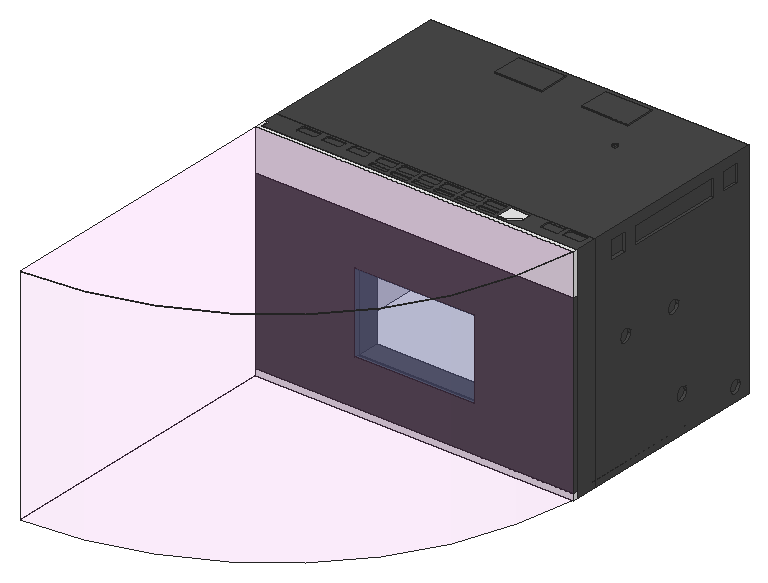
Revit family "Qf_Summit_MHOTR24SS_24 inches Wide Over-the-Range Microwave", category Specialty Equipment, Revit 2020
Family settings
  Round Connector Dimension = Use Diameter
  Part Type = Normal
  Work Plane-Based = No
  Always vertical = Yes
  Cut with Voids When Loaded = No
  Shared = No
  Room Calculation Point = No
Parameters
  Weight in Pounds = 57
  Watts = 1000 W
  Volts = 115 V
  URL Cutsheet = ""
  Specification by User = ""
  Specification by Manufacturer = ""
  Show Clearance [instance] = yes
  Serial Number = ""
  Seismic Rating = ""
  SMACNA No = ""
  Revision Code = ""
  Phase = 1
  Number of Poles = 1
  NAFEM Spec ID Number = ""
  Model = "MHOTR24SS"
  Min Ckt Ampacity = 0 A
  Max Overcurrent Protection = 0 A
  Masterspec = ""
  Manufacturer = "Summit"
  Length = 23 7/8"
  Item Number = ""
  Installed By = ""
  Identify Quantity as Lot = yes
  Height = 16 3/4"
  HP = ""
  Furnished By = ""
  Foodservice Equipment Identifier = yes
  FL Amps = 13.5 A
  Electrical Remarks = ""
  Electric Connection Type = ""
  Elec Conn RI Height = 16 3/4"
  Elec Conn Connection Height = 0"
  Description = "24\" Wide Over-the-Range Microwave"
  Depth = 16 3/8"
  Default Elevation = 0"
  Cycle = 60 Hz
  Conn Plug = ""
  Conn Conduit = yes
  CSI MasterFormat = ""
  Apparent Power = if(Phase = 3, Volts * FL Amps * 1.73, Volts * FL Amps)  # 1552.5 VA
Reference planes (in)
  plane 1 "BACK": y = 0
  plane 2: z = 0
  plane 3 "LEFT": x = 0
  plane 4 "RIGHT": x = 23.875
  plane 5 "FRONT": y = -16.375
  plane 6 "TOP": z = 17
  plane 7 "Center Y": x = 11.9375
  plane 8 "Center X": y = -8.1875
  plane 9: y = -38.5
  plane 10: y = -15.5
  plane 11: y = -0.375
  plane 12: y = -14.375
  plane 13: x = 4.6875
  plane 14: x = 19.1875
  plane 15: y = -5
  plane 16: x = 17.875
  plane 17: z = 0.25
Forms (in)
  Extrusion 1, solid, material "QF_Plastic_Epoxy_Black"
    sketch origin (0, -23.25, 2.125) x (1, 0, 0) y (0, 0, -1)
      loop
        line (0, -11.75) -> (23.875, -11.75) -> (23.875, 1.41597) -> (0, 1.41597) -> (0, -11.75)
    from 6.875 to 7.1875
  Extrusion 2, solid, material "QF_Metal_Aluminum_Polished"
    sketch origin (0, -23.25, 2.125) x (1, 0, 0) y (0, 0, -1)
      loop
        line (23.875, 1.41597) -> (23.875, 1.875) -> (0, 1.875) -> (0, 1.41597) -> (23.875, 1.41597)
    from 6.875 to 7.1875
  Extrusion 3, solid, material "QF_Plastic_Epoxy_Black"
    sketch origin (0, 0, 19.5) x (1, 0, 0) y (0, 1, 0)
      loop
        line (0, 0) -> (0, -14.375) -> (23.875, -14.375) -> (23.875, 0) -> (0, 0)
    from -19.25 to -2.5
  Extrusion 4, solid, material "QF_Plastic_Epoxy_Black"
    sketch origin (0, 0, 17) x (1, 0, 0) y (0, 1, 0)
      loop
        circle (17.875, -5) r 0.08422
      loop
        circle (17.875, -5) r 0.17168
    from 0 to 0.0644
  Extrusion 5, void
    sketch origin (23.88, 0, 0) x (0, 1, 0) y (0, 0, 1)
      loop
        line (-16.0625, 11.975) -> (-16.0625, 2.225) -> (-0.375, 2.225) -> (-0.375, 11.975) -> (-16.0625, 11.975)
    from -21.005 to -6.505
  Extrusion 6, solid, material "Glass"
    sketch origin (0, -16.375, 2.125) x (-1, 0, 0) y (0, 0, -1)
      loop
        line (-7.4375, -8) -> (-7.4375, -2) -> (-16.4375, -2) -> (-16.4375, -8) -> (-7.4375, -8)
    from 0 to -0.3125
  Extrusion 7, solid, material "QF_Clearances_Door_Drawer"
    sketch origin (0, 0, 19.5) x (1, 0, 0) y (0, 1, 0)
      loop
        line (23.875, -16.375) -> (0, -16.375) -> (0, -38.49995) -> (0.06419, -38.49995)
        arc (0.06419, -38.49995) -> (16.31587, -32.11492) -> (23.875, -16.375) r 23.87504
    from -19.25 to -2.5
  Extrusion 8, solid, material "QF_Plastic_Epoxy_Black"
    sketch origin (0, 0, 19.5) x (1, 0, 0) y (0, 1, 0)
      loop
        line (6.9375, -0.375) -> (6.9375, -2.625) -> (10.4375, -2.625) -> (10.4375, -0.375) -> (6.9375, -0.375)
      loop
        line (13.4375, -0.375) -> (13.4375, -2.625) -> (16.9375, -2.625) -> (16.9375, -0.375) -> (13.4375, -0.375)
    from -2.5 to -2.42564
  Extrusion 9, solid, material "QF_Plastic_Epoxy_Black"
    sketch origin (0, -16.375, 2.125) x (-1, 0, 0) y (0, 0, -1)
      loop
        line (-0.5, 1.875) -> (-0.75, 2.125) -> (-23.125, 2.125) -> (-23.375, 1.875) -> (-0.5, 1.875)
    from -0.875 to -16
  Extrusion 10, void
    sketch origin (23.875, 0, 19.5) x (0, 1, 0) y (0, 0, -1)
      loop
        line (-10.67868, 3.26782) -> (-3.2005, 3.26782) -> (-3.2005, 4.64282) -> (-10.67868, 4.64282) -> (-10.67868, 3.26782)
      loop
        line (-2.34834, 3.26782) -> (-0.96484, 3.26782) -> (-0.96484, 4.64282) -> (-2.34834, 4.64282) -> (-2.34834, 3.26782)
      loop
        line (-12.91084, 3.26782) -> (-11.52734, 3.26782) -> (-11.52734, 4.64282) -> (-12.91084, 4.64282) -> (-12.91084, 3.26782)
      loop
        circle (-11.52734, 10.31582) r 0.5
      loop
        circle (-7.02734, 10.31582) r 0.5
      loop
        circle (-6.24335, 16.525) r 0.5
      loop
        circle (-1.21484, 18.23681) r 0.5
    from 0 to 0.2738
  Extrusion 11, void
    sketch origin (0, 0, 19.5) x (0, 1, 0) y (0, 0, 1)
      loop
        line (-10.67868, -3.26782) -> (-10.67868, -4.64282) -> (-3.2005, -4.64282) -> (-3.2005, -3.26782) -> (-10.67868, -3.26782)
      loop
        line (-2.34834, -3.26782) -> (-2.34834, -4.64282) -> (-0.96484, -4.64282) -> (-0.96484, -3.26782) -> (-2.34834, -3.26782)
      loop
        line (-12.91084, -3.26782) -> (-12.91084, -4.64282) -> (-11.52734, -4.64282) -> (-11.52734, -3.26782) -> (-12.91084, -3.26782)
      loop
        circle (-11.52734, -10.31582) r 0.5
      loop
        circle (-7.02734, -10.31582) r 0.5
      loop
        circle (-6.24335, -16.525) r 0.5
      loop
        circle (-1.21484, -18.23681) r 0.5
    from 0 to 0.2738
  Extrusion 12, void
    sketch origin (0, 0, 19.5) x (1, 0, 0) y (0, 1, 0)
      loop
        arc (4.125, -14.625) -> (4.03661, -14.66161) -> (4, -14.75) r 0.125
        line (4, -14.75) -> (4, -15.125)
        arc (4, -15.125) -> (4.03661, -15.21339) -> (4.125, -15.25) r 0.125
        line (4.125, -15.25) -> (5.25, -15.25)
        arc (5.25, -15.25) -> (5.33839, -15.21339) -> (5.375, -15.125) r 0.125
        line (5.375, -15.125) -> (5.375, -14.75)
        arc (5.375, -14.75) -> (5.33839, -14.66161) -> (5.25, -14.625) r 0.125
        line (5.25, -14.625) -> (4.125, -14.625)
      loop
        arc (2.25, -14.625) -> (2.16161, -14.66161) -> (2.125, -14.75) r 0.125
        line (2.125, -14.75) -> (2.125, -15.125)
        arc (2.125, -15.125) -> (2.16161, -15.21339) -> (2.25, -15.25) r 0.125
        line (2.25, -15.25) -> (3.375, -15.25)
        arc (3.375, -15.25) -> (3.46339, -15.21339) -> (3.5, -15.125) r 0.125
        line (3.5, -15.125) -> (3.5, -14.75)
        arc (3.5, -14.75) -> (3.46339, -14.66161) -> (3.375, -14.625) r 0.125
        line (3.375, -14.625) -> (2.25, -14.625)
      loop
        arc (6, -14.625) -> (5.91161, -14.66161) -> (5.875, -14.75) r 0.125
        line (5.875, -14.75) -> (5.875, -15.125)
        arc (5.875, -15.125) -> (5.91161, -15.21339) -> (6, -15.25) r 0.125
        line (6, -15.25) -> (7.125, -15.25)
        arc (7.125, -15.25) -> (7.21339, -15.21339) -> (7.25, -15.125) r 0.125
        line (7.25, -15.125) -> (7.25, -14.75)
        arc (7.25, -14.75) -> (7.21339, -14.66161) -> (7.125, -14.625) r 0.125
        line (7.125, -14.625) -> (6, -14.625)
      loop
        arc (8.125, -14.625) -> (8.03661, -14.66161) -> (8, -14.75) r 0.125
        line (8, -14.75) -> (8, -15.125)
        arc (8, -15.125) -> (8.03661, -15.21339) -> (8.125, -15.25) r 0.125
        line (8.125, -15.25) -> (9.25, -15.25)
        arc (9.25, -15.25) -> (9.33839, -15.21339) -> (9.375, -15.125) r 0.125
        line (9.375, -15.125) -> (9.375, -14.75)
        arc (9.375, -14.75) -> (9.33839, -14.66161) -> (9.25, -14.625) r 0.125
        line (9.25, -14.625) -> (8.125, -14.625)
      loop
        line (8, -15.625) -> (8, -15.75)
        arc (8, -15.75) -> (8.03661, -15.83839) -> (8.125, -15.875) r 0.125
        line (8.125, -15.875) -> (9.25, -15.875)
        arc (9.25, -15.875) -> (9.33839, -15.83839) -> (9.375, -15.75) r 0.125
        line (9.375, -15.75) -> (9.375, -15.625)
        arc (9.375, -15.625) -> (9.33839, -15.53661) -> (9.25, -15.5) r 0.125
        line (9.25, -15.5) -> (8.125, -15.5)
        arc (8.125, -15.5) -> (8.03661, -15.53661) -> (8, -15.625) r 0.125
      loop
        arc (9.75, -14.625) -> (9.66161, -14.66161) -> (9.625, -14.75) r 0.125
        line (9.625, -14.75) -> (9.625, -15.125)
        arc (9.625, -15.125) -> (9.66161, -15.21339) -> (9.75, -15.25) r 0.125
        line (9.75, -15.25) -> (10.875, -15.25)
        arc (10.875, -15.25) -> (10.96339, -15.21339) -> (11, -15.125) r 0.125
        line (11, -15.125) -> (11, -14.75)
        arc (11, -14.75) -> (10.96339, -14.66161) -> (10.875, -14.625) r 0.125
        line (10.875, -14.625) -> (9.75, -14.625)
      loop
        line (9.625, -15.625) -> (9.625, -15.75)
        arc (9.625, -15.75) -> (9.66161, -15.83839) -> (9.75, -15.875) r 0.125
        line (9.75, -15.875) -> (10.875, -15.875)
        arc (10.875, -15.875) -> (10.96339, -15.83839) -> (11, -15.75) r 0.125
        line (11, -15.75) -> (11, -15.625)
        arc (11, -15.625) -> (10.96339, -15.53661) -> (10.875, -15.5) r 0.125
        line (10.875, -15.5) -> (9.75, -15.5)
        arc (9.75, -15.5) -> (9.66161, -15.53661) -> (9.625, -15.625) r 0.125
      loop
        arc (11.375, -14.625) -> (11.28661, -14.66161) -> (11.25, -14.75) r 0.125
        line (11.25, -14.75) -> (11.25, -15.125)
        arc (11.25, -15.125) -> (11.28661, -15.21339) -> (11.375, -15.25) r 0.125
        line (11.375, -15.25) -> (12.5, -15.25)
        arc (12.5, -15.25) -> (12.58839, -15.21339) -> (12.625, -15.125) r 0.125
        line (12.625, -15.125) -> (12.625, -14.75)
        arc (12.625, -14.75) -> (12.58839, -14.66161) -> (12.5, -14.625) r 0.125
        line (12.5, -14.625) -> (11.375, -14.625)
      loop
        line (11.25, -15.625) -> (11.25, -15.75)
        arc (11.25, -15.75) -> (11.28661, -15.83839) -> (11.375, -15.875) r 0.125
        line (11.375, -15.875) -> (12.5, -15.875)
        arc (12.5, -15.875) -> (12.58839, -15.83839) -> (12.625, -15.75) r 0.125
        line (12.625, -15.75) -> (12.625, -15.625)
        arc (12.625, -15.625) -> (12.58839, -15.53661) -> (12.5, -15.5) r 0.125
        line (12.5, -15.5) -> (11.375, -15.5)
        arc (11.375, -15.5) -> (11.28661, -15.53661) -> (11.25, -15.625) r 0.125
      loop
        arc (13, -14.625) -> (12.91161, -14.66161) -> (12.875, -14.75) r 0.125
        line (12.875, -14.75) -> (12.875, -15.125)
        arc (12.875, -15.125) -> (12.91161, -15.21339) -> (13, -15.25) r 0.125
        line (13, -15.25) -> (14.125, -15.25)
        arc (14.125, -15.25) -> (14.21339, -15.21339) -> (14.25, -15.125) r 0.125
        line (14.25, -15.125) -> (14.25, -14.75)
        arc (14.25, -14.75) -> (14.21339, -14.66161) -> (14.125, -14.625) r 0.125
        line (14.125, -14.625) -> (13, -14.625)
      loop
        line (12.875, -15.625) -> (12.875, -15.75)
        arc (12.875, -15.75) -> (12.91161, -15.83839) -> (13, -15.875) r 0.125
        line (13, -15.875) -> (14.125, -15.875)
        arc (14.125, -15.875) -> (14.21339, -15.83839) -> (14.25, -15.75) r 0.125
        line (14.25, -15.75) -> (14.25, -15.625)
        arc (14.25, -15.625) -> (14.21339, -15.53661) -> (14.125, -15.5) r 0.125
        line (14.125, -15.5) -> (13, -15.5)
        arc (13, -15.5) -> (12.91161, -15.53661) -> (12.875, -15.625) r 0.125
      loop
        arc (14.625, -14.625) -> (14.53661, -14.66161) -> (14.5, -14.75) r 0.125
        line (14.5, -14.75) -> (14.5, -15.125)
        arc (14.5, -15.125) -> (14.53661, -15.21339) -> (14.625, -15.25) r 0.125
        line (14.625, -15.25) -> (15.75, -15.25)
        arc (15.75, -15.25) -> (15.83839, -15.21339) -> (15.875, -15.125) r 0.125
        line (15.875, -15.125) -> (15.875, -14.75)
        arc (15.875, -14.75) -> (15.83839, -14.66161) -> (15.75, -14.625) r 0.125
        line (15.75, -14.625) -> (14.625, -14.625)
      loop
        line (14.5, -15.625) -> (14.5, -15.75)
        arc (14.5, -15.75) -> (14.53661, -15.83839) -> (14.625, -15.875) r 0.125
        line (14.625, -15.875) -> (15.75, -15.875)
        arc (15.75, -15.875) -> (15.83839, -15.83839) -> (15.875, -15.75) r 0.125
        line (15.875, -15.75) -> (15.875, -15.625)
        arc (15.875, -15.625) -> (15.83839, -15.53661) -> (15.75, -15.5) r 0.125
        line (15.75, -15.5) -> (14.625, -15.5)
        arc (14.625, -15.5) -> (14.53661, -15.53661) -> (14.5, -15.625) r 0.125
      loop
        arc (16.25, -14.625) -> (16.16161, -14.66161) -> (16.125, -14.75) r 0.125
        line (16.125, -14.75) -> (16.125, -15.125)
        arc (16.125, -15.125) -> (16.16161, -15.21339) -> (16.25, -15.25) r 0.125
        line (16.25, -15.25) -> (17.375, -15.25)
        arc (17.375, -15.25) -> (17.46339, -15.21339) -> (17.5, -15.125) r 0.125
        line (17.5, -15.125) -> (17.5, -14.75)
        arc (17.5, -14.75) -> (17.46339, -14.66161) -> (17.375, -14.625) r 0.125
        line (17.375, -14.625) -> (16.25, -14.625)
      loop
        line (16.125, -15.625) -> (16.125, -15.75)
        arc (16.125, -15.75) -> (16.16161, -15.83839) -> (16.25, -15.875) r 0.125
        line (16.25, -15.875) -> (17.375, -15.875)
        arc (17.375, -15.875) -> (17.46339, -15.83839) -> (17.5, -15.75) r 0.125
        line (17.5, -15.75) -> (17.5, -15.625)
        arc (17.5, -15.625) -> (17.46339, -15.53661) -> (17.375, -15.5) r 0.125
        line (17.375, -15.5) -> (16.25, -15.5)
        arc (16.25, -15.5) -> (16.16161, -15.53661) -> (16.125, -15.625) r 0.125
      loop
        arc (20.625, -14.5625) -> (20.53661, -14.59911) -> (20.5, -14.6875) r 0.125
        line (20.5, -14.6875) -> (20.5, -15.1875)
        arc (20.5, -15.1875) -> (20.53661, -15.27589) -> (20.625, -15.3125) r 0.125
        line (20.625, -15.3125) -> (21.75, -15.3125)
        arc (21.75, -15.3125) -> (21.83839, -15.27589) -> (21.875, -15.1875) r 0.125
        line (21.875, -15.1875) -> (21.875, -14.6875)
        arc (21.875, -14.6875) -> (21.83839, -14.59911) -> (21.75, -14.5625) r 0.125
        line (21.75, -14.5625) -> (20.625, -14.5625)
      loop
        arc (22.25, -14.5625) -> (22.16161, -14.59911) -> (22.125, -14.6875) r 0.125
        line (22.125, -14.6875) -> (22.125, -15.1875)
        arc (22.125, -15.1875) -> (22.16161, -15.27589) -> (22.25, -15.3125) r 0.125
        line (22.25, -15.3125) -> (23.375, -15.3125)
        arc (23.375, -15.3125) -> (23.46339, -15.27589) -> (23.5, -15.1875) r 0.125
        line (23.5, -15.1875) -> (23.5, -14.6875)
        arc (23.5, -14.6875) -> (23.46339, -14.59911) -> (23.375, -14.5625) r 0.125
        line (23.375, -14.5625) -> (22.25, -14.5625)
    from -2.53406 to -2.4356
  Extrusion 13, solid, material "QF_Metal_Aluminum_Polished"
    sketch origin (0, 0, 19.5) x (1, 0, 0) y (0, 1, 0)
      loop
        line (17.79493, -14.625) -> (17.79493, -15.875) -> (18.34344, -15.875) -> (19.19707, -15.32624) -> (19.19707, -14.625) -> (17.79493, -14.625)
    from -2.5 to -2.48231
  Extrusion 14, solid, material "QF_Metal_Aluminum_Polished"
    sketch origin (0, 0, 19.5) x (1, 0, 0) y (0, 1, 0)
      loop
        line (0.1875, -16.0625) -> (0.1875, -15.5) -> (0, -15.5) -> (0, -16.375) -> (23.875, -16.375) -> (23.875, -16.0625) -> (0.1875, -16.0625)
    from -5.625 to -2.5
  Extrusion 15, solid, material "QF_Plastic_Epoxy_Black"
    sketch origin (0, 0, 19.5) x (1, 0, 0) y (0, 1, 0)
      loop
        line (23.875, -14.375) -> (0, -14.375) -> (0, -15.5) -> (0.1875, -15.5) -> (0.1875, -16.0625) -> (23.875, -16.0625) -> (23.875, -14.375)
    from -19.25 to -2.5
  Extrusion 16, void
    sketch origin (0, -16.375, 2.125) x (1, 0, 0) y (0, 0, -1)
      loop
        line (7.4375, -8) -> (16.4375, -8) -> (16.4375, -2) -> (7.4375, -2) -> (7.4375, -8)
    from 0 to 2
Cuts and joins
  Extrusion 5, Extrusion 10, Extrusion 11 cuts Extrusion 3
  Extrusion 5, Extrusion 10, Extrusion 11 cuts Extrusion 4
  Extrusion 10, Extrusion 11 cuts Extrusion 8
  joined: Extrusion 3, Extrusion 4, Extrusion 8
  Extrusion 5 cuts Extrusion 6
  Extrusion 16 cuts Extrusion 1
  Extrusion 16 cuts Extrusion 7
  Extrusion 12, Extrusion 16 cuts Extrusion 15
Lines and regions (in)
  Split face 1
    outline origin (23.875, -16.375, 13.875) x (0, 0, 1) y (-1, 0, 0)
      loop
        line (-12.79594, 10.93156) -> (-11.73019, 10.93156) -> (-11.73019, 12.93156) -> (-12.79594, 12.93156) -> (-12.79594, 10.93156)
  Split face 2
    outline origin (23.875, -16.375, 13.875) x (0, 0, 1) y (-1, 0, 0)
      loop
        line (-11, 2.85) -> (-11, 4.025)
        arc (-11, 4.025) -> (-11.02929, 4.09571) -> (-11.1, 4.125) r 0.1
        line (-11.1, 4.125) -> (-11.65, 4.125)
        arc (-11.65, 4.125) -> (-11.72071, 4.09571) -> (-11.75, 4.025) r 0.1
        line (-11.75, 4.025) -> (-11.75, 2.85)
        arc (-11.75, 2.85) -> (-11.72071, 2.77929) -> (-11.65, 2.75) r 0.1
        line (-11.65, 2.75) -> (-11.1, 2.75)
        arc (-11.1, 2.75) -> (-11.02929, 2.77929) -> (-11, 2.85) r 0.1
  Split face 3
    outline origin (23.875, -16.375, 13.875) x (0, 0, 1) y (-1, 0, 0)
      loop
        line (-12.08172, 4.125) -> (-12.63172, 4.125)
        arc (-12.63172, 4.125) -> (-12.70243, 4.09571) -> (-12.73172, 4.025) r 0.1
        line (-12.73172, 4.025) -> (-12.73172, 2.85)
        arc (-12.73172, 2.85) -> (-12.70243, 2.77929) -> (-12.63172, 2.75) r 0.1
        line (-12.63172, 2.75) -> (-12.08172, 2.75)
        arc (-12.08172, 2.75) -> (-12.01101, 2.77929) -> (-11.98172, 2.85) r 0.1
        line (-11.98172, 2.85) -> (-11.98172, 4.025)
        arc (-11.98172, 4.025) -> (-12.01101, 4.09571) -> (-12.08172, 4.125) r 0.1
  symbolic lines, style "QF_Clearances_Door_Drawer"
    curve 1: line (0, -16.375, 19.5) -> (19.92323, -27.87768, 19.5)
    curve 2: arc (19.92323, -27.87768, 19.5) -> (22.64387, -22.3822, 19.5) -> (23.875, -16.375, 19.5) r 23.87504
    curve 3: line (0, -38.49995, 19.5) -> (0.06419, -38.49995, 19.5)
    curve 4: line (23.875, -16.375, 19.5) -> (0, -16.375, 19.5)
  symbolic lines
    curve 5: line (0, 0, 19.5) -> (0, -16.375, 19.5)
    curve 6: line (0, -14.375, 19.5) -> (23.875, -14.375, 19.5)
    curve 7: line (23.875, -16.375, 19.5) -> (23.875, 0, 19.5)
    curve 8: line (23.875, 0, 19.5) -> (0, 0, 19.5)
    curve 9: line (6.9375, -0.375, 19.5) -> (6.9375, -2.625, 19.5)
    curve 10: line (6.9375, -2.625, 19.5) -> (10.4375, -2.625, 19.5)
    curve 11: line (10.4375, -2.625, 19.5) -> (10.4375, -0.375, 19.5)
    curve 12: line (10.4375, -0.375, 19.5) -> (6.9375, -0.375, 19.5)
    curve 13: line (13.4375, -0.375, 19.5) -> (13.4375, -2.625, 19.5)
    curve 14: line (13.4375, -2.625, 19.5) -> (16.9375, -2.625, 19.5)
    curve 15: line (16.9375, -2.625, 19.5) -> (16.9375, -0.375, 19.5)
    curve 16: line (16.9375, -0.375, 19.5) -> (13.4375, -0.375, 19.5)
    curve 17: line (19.375, -15.5, 19.5) -> (18.5, -16.0625, 19.5)
    curve 18: line (19.375, -15.5, 19.5) -> (19.375, -14.375, 19.5)
    curve 19: line (17.79493, -14.625, 19.5) -> (19.19707, -14.625, 19.5)
    curve 20: line (19.19707, -14.625, 19.5) -> (19.19707, -15.32624, 19.5)
    curve 21: line (19.19707, -15.32624, 19.5) -> (18.34344, -15.875, 19.5)
    curve 22: line (18.34344, -15.875, 19.5) -> (17.79493, -15.875, 19.5)
    curve 23: line (17.79493, -15.875, 19.5) -> (17.79493, -14.625, 19.5)
    curve 24: line (22.25, -14.5625, 19.5) -> (23.375, -14.5625, 19.5)
    curve 25: arc (23.375, -14.5625, 19.5) -> (23.46339, -14.59911, 19.5) -> (23.5, -14.6875, 19.5) r 0.125
    curve 26: line (23.5, -14.6875, 19.5) -> (23.5, -15.1875, 19.5)
    curve 27: arc (23.5, -15.1875, 19.5) -> (23.46339, -15.27589, 19.5) -> (23.375, -15.3125, 19.5) r 0.125
    curve 28: line (23.375, -15.3125, 19.5) -> (22.25, -15.3125, 19.5)
    curve 29: arc (22.25, -15.3125, 19.5) -> (22.16161, -15.27589, 19.5) -> (22.125, -15.1875, 19.5) r 0.125
    curve 30: line (22.125, -15.1875, 19.5) -> (22.125, -14.6875, 19.5)
    curve 31: arc (22.125, -14.6875, 19.5) -> (22.16161, -14.59911, 19.5) -> (22.25, -14.5625, 19.5) r 0.125
    curve 32: line (20.625, -14.5625, 19.5) -> (21.75, -14.5625, 19.5)
    curve 33: arc (21.75, -14.5625, 19.5) -> (21.83839, -14.59911, 19.5) -> (21.875, -14.6875, 19.5) r 0.125
    curve 34: line (21.875, -14.6875, 19.5) -> (21.875, -15.1875, 19.5)
    curve 35: arc (21.875, -15.1875, 19.5) -> (21.83839, -15.27589, 19.5) -> (21.75, -15.3125, 19.5) r 0.125
    curve 36: line (21.75, -15.3125, 19.5) -> (20.625, -15.3125, 19.5)
    curve 37: arc (20.625, -15.3125, 19.5) -> (20.53661, -15.27589, 19.5) -> (20.5, -15.1875, 19.5) r 0.125
    curve 38: line (20.5, -15.1875, 19.5) -> (20.5, -14.6875, 19.5)
    curve 39: arc (20.5, -14.6875, 19.5) -> (20.53661, -14.59911, 19.5) -> (20.625, -14.5625, 19.5) r 0.125
    curve 40: line (16.25, -14.625, 19.5) -> (17.375, -14.625, 19.5)
    curve 41: arc (17.375, -14.625, 19.5) -> (17.46339, -14.66161, 19.5) -> (17.5, -14.75, 19.5) r 0.125
    curve 42: line (17.5, -14.75, 19.5) -> (17.5, -15.125, 19.5)
    curve 43: arc (17.5, -15.125, 19.5) -> (17.46339, -15.21339, 19.5) -> (17.375, -15.25, 19.5) r 0.125
    curve 44: line (17.375, -15.25, 19.5) -> (16.25, -15.25, 19.5)
    curve 45: arc (16.25, -15.25, 19.5) -> (16.16161, -15.21339, 19.5) -> (16.125, -15.125, 19.5) r 0.125
    curve 46: line (16.125, -15.125, 19.5) -> (16.125, -14.75, 19.5)
    curve 47: arc (16.125, -14.75, 19.5) -> (16.16161, -14.66161, 19.5) -> (16.25, -14.625, 19.5) r 0.125
    curve 48: line (16.25, -15.875, 19.5) -> (17.375, -15.875, 19.5)
    curve 49: arc (17.375, -15.875, 19.5) -> (17.46339, -15.83839, 19.5) -> (17.5, -15.75, 19.5) r 0.125
    curve 50: line (17.5, -15.75, 19.5) -> (17.5, -15.625, 19.5)
    curve 51: arc (17.5, -15.625, 19.5) -> (17.46339, -15.53661, 19.5) -> (17.375, -15.5, 19.5) r 0.125
    curve 52: line (17.375, -15.5, 19.5) -> (16.25, -15.5, 19.5)
    curve 53: arc (16.25, -15.5, 19.5) -> (16.16161, -15.53661, 19.5) -> (16.125, -15.625, 19.5) r 0.125
    curve 54: line (16.125, -15.625, 19.5) -> (16.125, -15.75, 19.5)
    curve 55: arc (16.125, -15.75, 19.5) -> (16.16161, -15.83839, 19.5) -> (16.25, -15.875, 19.5) r 0.125
    curve 56: line (14.625, -14.625, 19.5) -> (15.75, -14.625, 19.5)
    curve 57: arc (15.75, -14.625, 19.5) -> (15.83839, -14.66161, 19.5) -> (15.875, -14.75, 19.5) r 0.125
    curve 58: line (15.875, -14.75, 19.5) -> (15.875, -15.125, 19.5)
    curve 59: arc (15.875, -15.125, 19.5) -> (15.83839, -15.21339, 19.5) -> (15.75, -15.25, 19.5) r 0.125
    curve 60: line (15.75, -15.25, 19.5) -> (14.625, -15.25, 19.5)
    curve 61: arc (14.625, -15.25, 19.5) -> (14.53661, -15.21339, 19.5) -> (14.5, -15.125, 19.5) r 0.125
    curve 62: line (14.5, -15.125, 19.5) -> (14.5, -14.75, 19.5)
    curve 63: arc (14.5, -14.75, 19.5) -> (14.53661, -14.66161, 19.5) -> (14.625, -14.625, 19.5) r 0.125
    curve 64: line (14.625, -15.875, 19.5) -> (15.75, -15.875, 19.5)
    curve 65: arc (15.75, -15.875, 19.5) -> (15.83839, -15.83839, 19.5) -> (15.875, -15.75, 19.5) r 0.125
    curve 66: line (15.875, -15.75, 19.5) -> (15.875, -15.625, 19.5)
    curve 67: arc (15.875, -15.625, 19.5) -> (15.83839, -15.53661, 19.5) -> (15.75, -15.5, 19.5) r 0.125
    curve 68: line (15.75, -15.5, 19.5) -> (14.625, -15.5, 19.5)
    curve 69: arc (14.625, -15.5, 19.5) -> (14.53661, -15.53661, 19.5) -> (14.5, -15.625, 19.5) r 0.125
    curve 70: line (14.5, -15.625, 19.5) -> (14.5, -15.75, 19.5)
    curve 71: arc (14.5, -15.75, 19.5) -> (14.53661, -15.83839, 19.5) -> (14.625, -15.875, 19.5) r 0.125
    curve 72: line (13, -14.625, 19.5) -> (14.125, -14.625, 19.5)
    curve 73: arc (14.125, -14.625, 19.5) -> (14.21339, -14.66161, 19.5) -> (14.25, -14.75, 19.5) r 0.125
    curve 74: line (14.25, -14.75, 19.5) -> (14.25, -15.125, 19.5)
    curve 75: arc (14.25, -15.125, 19.5) -> (14.21339, -15.21339, 19.5) -> (14.125, -15.25, 19.5) r 0.125
    curve 76: line (14.125, -15.25, 19.5) -> (13, -15.25, 19.5)
    curve 77: arc (13, -15.25, 19.5) -> (12.91161, -15.21339, 19.5) -> (12.875, -15.125, 19.5) r 0.125
    curve 78: line (12.875, -15.125, 19.5) -> (12.875, -14.75, 19.5)
    curve 79: arc (12.875, -14.75, 19.5) -> (12.91161, -14.66161, 19.5) -> (13, -14.625, 19.5) r 0.125
    curve 80: line (13, -15.875, 19.5) -> (14.125, -15.875, 19.5)
    curve 81: arc (14.125, -15.875, 19.5) -> (14.21339, -15.83839, 19.5) -> (14.25, -15.75, 19.5) r 0.125
    curve 82: line (14.25, -15.75, 19.5) -> (14.25, -15.625, 19.5)
    curve 83: arc (14.25, -15.625, 19.5) -> (14.21339, -15.53661, 19.5) -> (14.125, -15.5, 19.5) r 0.125
    curve 84: line (14.125, -15.5, 19.5) -> (13, -15.5, 19.5)
    curve 85: arc (13, -15.5, 19.5) -> (12.91161, -15.53661, 19.5) -> (12.875, -15.625, 19.5) r 0.125
    curve 86: line (12.875, -15.625, 19.5) -> (12.875, -15.75, 19.5)
    curve 87: arc (12.875, -15.75, 19.5) -> (12.91161, -15.83839, 19.5) -> (13, -15.875, 19.5) r 0.125
    curve 88: line (11.375, -14.625, 19.5) -> (12.5, -14.625, 19.5)
    curve 89: arc (12.5, -14.625, 19.5) -> (12.58839, -14.66161, 19.5) -> (12.625, -14.75, 19.5) r 0.125
    curve 90: line (12.625, -14.75, 19.5) -> (12.625, -15.125, 19.5)
    curve 91: arc (12.625, -15.125, 19.5) -> (12.58839, -15.21339, 19.5) -> (12.5, -15.25, 19.5) r 0.125
    curve 92: line (12.5, -15.25, 19.5) -> (11.375, -15.25, 19.5)
    curve 93: arc (11.375, -15.25, 19.5) -> (11.28661, -15.21339, 19.5) -> (11.25, -15.125, 19.5) r 0.125
    curve 94: line (11.25, -15.125, 19.5) -> (11.25, -14.75, 19.5)
    curve 95: arc (11.25, -14.75, 19.5) -> (11.28661, -14.66161, 19.5) -> (11.375, -14.625, 19.5) r 0.125
    curve 96: line (11.375, -15.875, 19.5) -> (12.5, -15.875, 19.5)
    curve 97: arc (12.5, -15.875, 19.5) -> (12.58839, -15.83839, 19.5) -> (12.625, -15.75, 19.5) r 0.125
    curve 98: line (12.625, -15.75, 19.5) -> (12.625, -15.625, 19.5)
    curve 99: arc (12.625, -15.625, 19.5) -> (12.58839, -15.53661, 19.5) -> (12.5, -15.5, 19.5) r 0.125
    curve 100: line (12.5, -15.5, 19.5) -> (11.375, -15.5, 19.5)
    curve 101: arc (11.375, -15.5, 19.5) -> (11.28661, -15.53661, 19.5) -> (11.25, -15.625, 19.5) r 0.125
    curve 102: line (11.25, -15.625, 19.5) -> (11.25, -15.75, 19.5)
    curve 103: arc (11.25, -15.75, 19.5) -> (11.28661, -15.83839, 19.5) -> (11.375, -15.875, 19.5) r 0.125
    curve 104: line (9.75, -14.625, 19.5) -> (10.875, -14.625, 19.5)
    curve 105: arc (10.875, -14.625, 19.5) -> (10.96339, -14.66161, 19.5) -> (11, -14.75, 19.5) r 0.125
    curve 106: line (11, -14.75, 19.5) -> (11, -15.125, 19.5)
    curve 107: arc (11, -15.125, 19.5) -> (10.96339, -15.21339, 19.5) -> (10.875, -15.25, 19.5) r 0.125
    curve 108: line (10.875, -15.25, 19.5) -> (9.75, -15.25, 19.5)
    curve 109: arc (9.75, -15.25, 19.5) -> (9.66161, -15.21339, 19.5) -> (9.625, -15.125, 19.5) r 0.125
    curve 110: line (9.625, -15.125, 19.5) -> (9.625, -14.75, 19.5)
    curve 111: arc (9.625, -14.75, 19.5) -> (9.66161, -14.66161, 19.5) -> (9.75, -14.625, 19.5) r 0.125
    curve 112: line (9.75, -15.875, 19.5) -> (10.875, -15.875, 19.5)
    curve 113: arc (10.875, -15.875, 19.5) -> (10.96339, -15.83839, 19.5) -> (11, -15.75, 19.5) r 0.125
    curve 114: line (11, -15.75, 19.5) -> (11, -15.625, 19.5)
    curve 115: arc (11, -15.625, 19.5) -> (10.96339, -15.53661, 19.5) -> (10.875, -15.5, 19.5) r 0.125
    curve 116: line (10.875, -15.5, 19.5) -> (9.75, -15.5, 19.5)
    curve 117: arc (9.75, -15.5, 19.5) -> (9.66161, -15.53661, 19.5) -> (9.625, -15.625, 19.5) r 0.125
    curve 118: line (9.625, -15.625, 19.5) -> (9.625, -15.75, 19.5)
    curve 119: arc (9.625, -15.75, 19.5) -> (9.66161, -15.83839, 19.5) -> (9.75, -15.875, 19.5) r 0.125
    curve 120: line (8.125, -14.625, 19.5) -> (9.25, -14.625, 19.5)
    curve 121: arc (9.25, -14.625, 19.5) -> (9.33839, -14.66161, 19.5) -> (9.375, -14.75, 19.5) r 0.125
    curve 122: line (9.375, -14.75, 19.5) -> (9.375, -15.125, 19.5)
    curve 123: arc (9.375, -15.125, 19.5) -> (9.33839, -15.21339, 19.5) -> (9.25, -15.25, 19.5) r 0.125
    curve 124: line (9.25, -15.25, 19.5) -> (8.125, -15.25, 19.5)
    curve 125: arc (8.125, -15.25, 19.5) -> (8.03661, -15.21339, 19.5) -> (8, -15.125, 19.5) r 0.125
    curve 126: line (8, -15.125, 19.5) -> (8, -14.75, 19.5)
    curve 127: arc (8, -14.75, 19.5) -> (8.03661, -14.66161, 19.5) -> (8.125, -14.625, 19.5) r 0.125
    curve 128: line (8.125, -15.875, 19.5) -> (9.25, -15.875, 19.5)
    curve 129: arc (9.25, -15.875, 19.5) -> (9.33839, -15.83839, 19.5) -> (9.375, -15.75, 19.5) r 0.125
    curve 130: line (9.375, -15.75, 19.5) -> (9.375, -15.625, 19.5)
    curve 131: arc (9.375, -15.625, 19.5) -> (9.33839, -15.53661, 19.5) -> (9.25, -15.5, 19.5) r 0.125
    curve 132: line (9.25, -15.5, 19.5) -> (8.125, -15.5, 19.5)
    curve 133: arc (8.125, -15.5, 19.5) -> (8.03661, -15.53661, 19.5) -> (8, -15.625, 19.5) r 0.125
    curve 134: line (8, -15.625, 19.5) -> (8, -15.75, 19.5)
    curve 135: arc (8, -15.75, 19.5) -> (8.03661, -15.83839, 19.5) -> (8.125, -15.875, 19.5) r 0.125
    curve 136: line (6, -14.625, 19.5) -> (7.125, -14.625, 19.5)
    curve 137: arc (7.125, -14.625, 19.5) -> (7.21339, -14.66161, 19.5) -> (7.25, -14.75, 19.5) r 0.125
    curve 138: line (7.25, -14.75, 19.5) -> (7.25, -15.125, 19.5)
    curve 139: arc (7.25, -15.125, 19.5) -> (7.21339, -15.21339, 19.5) -> (7.125, -15.25, 19.5) r 0.125
    curve 140: line (7.125, -15.25, 19.5) -> (6, -15.25, 19.5)
    curve 141: arc (6, -15.25, 19.5) -> (5.91161, -15.21339, 19.5) -> (5.875, -15.125, 19.5) r 0.125
    curve 142: line (5.875, -15.125, 19.5) -> (5.875, -14.75, 19.5)
    curve 143: arc (5.875, -14.75, 19.5) -> (5.91161, -14.66161, 19.5) -> (6, -14.625, 19.5) r 0.125
    curve 144: line (4.125, -14.625, 19.5) -> (5.25, -14.625, 19.5)
    curve 145: arc (5.25, -14.625, 19.5) -> (5.33839, -14.66161, 19.5) -> (5.375, -14.75, 19.5) r 0.125
    curve 146: line (5.375, -14.75, 19.5) -> (5.375, -15.125, 19.5)
    curve 147: arc (5.375, -15.125, 19.5) -> (5.33839, -15.21339, 19.5) -> (5.25, -15.25, 19.5) r 0.125
    curve 148: line (5.25, -15.25, 19.5) -> (4.125, -15.25, 19.5)
    curve 149: arc (4.125, -15.25, 19.5) -> (4.03661, -15.21339, 19.5) -> (4, -15.125, 19.5) r 0.125
    curve 150: line (4, -15.125, 19.5) -> (4, -14.75, 19.5)
    curve 151: arc (4, -14.75, 19.5) -> (4.03661, -14.66161, 19.5) -> (4.125, -14.625, 19.5) r 0.125
    curve 152: line (2.25, -14.625, 19.5) -> (3.375, -14.625, 19.5)
    curve 153: arc (3.375, -14.625, 19.5) -> (3.46339, -14.66161, 19.5) -> (3.5, -14.75, 19.5) r 0.125
    curve 154: line (3.5, -14.75, 19.5) -> (3.5, -15.125, 19.5)
    curve 155: arc (3.5, -15.125, 19.5) -> (3.46339, -15.21339, 19.5) -> (3.375, -15.25, 19.5) r 0.125
    curve 156: line (3.375, -15.25, 19.5) -> (2.25, -15.25, 19.5)
    curve 157: arc (2.25, -15.25, 19.5) -> (2.16161, -15.21339, 19.5) -> (2.125, -15.125, 19.5) r 0.125
    curve 158: line (2.125, -15.125, 19.5) -> (2.125, -14.75, 19.5)
    curve 159: arc (2.125, -14.75, 19.5) -> (2.16161, -14.66161, 19.5) -> (2.25, -14.625, 19.5) r 0.125
    curve 160: line (23.875, -16.375, 19.5) -> (0, -16.375, 19.5)
    curve 161: line (0.1875, -16.0625, 19.5) -> (19.49453, -16.0625, 19.5)
    curve 162: line (0.1875, -15.5, 19.5) -> (0.1875, -16.0625, 19.5)
    curve 163: line (0, -15.5, 19.5) -> (0.1875, -15.5, 19.5)
    curve 164: line (19.49453, -15.558, 19.5) -> (19.49453, -16.0625, 19.5)
    curve 165: line (19.49453, -15.558, 19.5) -> (23.875, -15.558, 19.5)
    curve 166: line (19.375, -15.5, 19.5) -> (23.875, -15.5, 19.5)
Dimensions and locks (in)
  equal spacing: plane 3 "LEFT", plane 7 "Center Y", plane 4 "RIGHT"
  "Length": plane 3 "LEFT" to plane 4 "RIGHT"
  equal spacing: plane 5 "FRONT", plane 8 "Center X", plane 1 "BACK"
  "Depth": plane 5 "FRONT" to plane 1 "BACK"
  "Height": plane 6 "TOP" to plane 17
  plane 4 "RIGHT" to plane 3 "LEFT" = 23 7/8"
  plane 1 "BACK" to plane 5 "FRONT" = 16 3/8"
  plane 1 "BACK" to plane 9 = 38 1/2"
  plane 5 "FRONT" to plane 1 "BACK" = 16 3/8"  (x2)
  plane 9 to plane 1 "BACK" = 38 1/2"
  plane 6 "TOP" to level = 17"
  plane 1 "BACK" to plane 10 = 15 1/2"
  plane 1 "BACK" to plane 11 = 3/8"
  plane 11 to plane 12 = 14"
  plane 13 to plane 7 "Center Y" to plane 14 = 7 1/4" locked, 7 1/4" locked
  plane 1 "BACK" to plane 15 = 5"
  plane 16 to plane 4 "RIGHT" = 6"
  plane 13 to plane 14 = 14 1/2"
  plane 17 to level = 1/4"
  plane 6 "TOP" to plane 17 = 16 3/4"
  plane 4 "RIGHT" to plane 16 = 6"
  Extrusion 6 to Extrusion 6 = 9"
  Extrusion 6 to Extrusion 6 = 6"
  cut or joined group of Extrusion 3, Extrusion 4, Extrusion 5, Extrusion 8, Extrusion 10, Extrusion 11 to cut or joined group of Extrusion 3, Extrusion 4, Extrusion 5, Extrusion 8, Extrusion 10, Extrusion 11 = 9 3/4"
  aligned and locked: level to plane 2
  aligned and locked: plane 5 "FRONT" to Extrusion 1
  aligned and locked: plane 5 "FRONT" to Extrusion 2
  aligned and locked: Extrusion 3 to plane 17
  aligned and locked: plane 6 "TOP" to Extrusion 3
  aligned and locked: Extrusion 8 to plane 6 "TOP"
  aligned and locked: plane 11 to Extrusion 9
  aligned and locked: Extrusion 9 to plane 10
  aligned and locked: Extrusion 12 to cut or joined group of Extrusion 3, Extrusion 4, Extrusion 5, Extrusion 8, Extrusion 10, Extrusion 11
  aligned and locked: Extrusion 15 to cut or joined group of Extrusion 5, Extrusion 6
  aligned and locked: plane 12 to Extrusion 16
  aligned and locked: Extrusion 6 to Extrusion 5
Automatic sketch dimensions
  Extrusion 3 sketch curve to plane 3 "LEFT" = 0"
  Extrusion 3 sketch curve to plane 4 "RIGHT" = 0"
  Extrusion 3 sketch curve to plane 12 = 0"
  plane 1 "BACK" to Extrusion 3 sketch curve = 0"
  Extrusion 1 sketch curve to plane 3 "LEFT" = 0"
  plane 4 "RIGHT" to Extrusion 1 sketch curve = 0"
  plane 17 to Extrusion 1 sketch curve = 0.45903"
  Extrusion 2 sketch curve to plane 3 "LEFT" = 0"
  plane 4 "RIGHT" to Extrusion 2 sketch curve = 0"
  Extrusion 2 sketch curve to plane 17 = 0"
  Extrusion 2 sketch curve to Extrusion 2 sketch curve = 0.45903"
  Extrusion 4 sketch curve to Extrusion 4 sketch curve = 0"  (x2)
  Extrusion 4 sketch curve to Extrusion 3 = 6"
  Extrusion 4 sketch curve to Extrusion 3 = 5"
  Extrusion 5 sketch curve to plane 10 = 9/16"
  Extrusion 5 sketch curve to plane 11 = 0"
  plane 17 to Extrusion 5 sketch curve = 1.975"
  Extrusion 6 sketch curve to Extrusion 1 = 7 7/16"  (x2)
  Extrusion 6 sketch curve to Extrusion 1 = 3.41597"
  Extrusion 6 sketch curve to Extrusion 1 = 3 3/4"
  Extrusion 7 sketch curve to plane 4 "RIGHT" = 0"
  plane 5 "FRONT" to Extrusion 7 sketch curve = 0"
  plane 3 "LEFT" to Extrusion 7 sketch curve = 0.06419"
  plane 9 to Extrusion 7 sketch curve = 0.00005"
  Extrusion 8 sketch curve to plane 11 = 0"  (x2)
  Extrusion 8 sketch curve to plane 13 = 2 1/4"
  Extrusion 8 sketch curve to plane 7 "Center Y" = 1 1/2"
  plane 7 "Center Y" to Extrusion 8 sketch curve = 1 1/2"
  Extrusion 8 sketch curve to plane 16 = 15/16"
  Extrusion 8 sketch curve to plane 11 = 2 1/4"  (x2)
  Extrusion 9 sketch curve to Extrusion 1 = 1/2"
  Extrusion 9 sketch curve to Extrusion 9 sketch curve = 1/4"  (x3)
  Extrusion 9 sketch curve to Extrusion 1 = 3/4"
  Extrusion 1 to Extrusion 9 sketch curve = 0.45903"
  Extrusion 10 sketch curve to Extrusion 3 = 1.46416"
  Extrusion 10 sketch curve to Extrusion 10 sketch curve = 1.3835"
  Extrusion 10 sketch curve to Extrusion 3 = 2 217/256"
  Extrusion 10 sketch curve to Extrusion 10 sketch curve = 0.84865"
  Extrusion 10 sketch curve to Extrusion 10 sketch curve = 4 1/2"
  Extrusion 10 sketch curve to Extrusion 3 = 2.725"
  Extrusion 10 sketch curve to Extrusion 3 = 6.24335"
  Extrusion 10 sketch curve to Extrusion 3 = 0.76782"  (x3)
  Extrusion 10 sketch curve to Extrusion 3 = 3.2005"
  Extrusion 10 sketch curve to Extrusion 10 sketch curve = 0.85216"
  Extrusion 10 sketch curve to Extrusion 3 = 1 55/256"
  Extrusion 10 sketch curve to Extrusion 3 = 247/256"
  Extrusion 10 sketch curve to Extrusion 10 sketch curve = 1 3/8"  (x2)
  Extrusion 10 sketch curve to Extrusion 10 sketch curve = 0"  (x2)
  Extrusion 10 sketch curve to Extrusion 10 sketch curve = 6.20918"
  Extrusion 10 sketch curve to Extrusion 3 = 1.01319"
  plane 12 to Extrusion 11 sketch curve = 1.46416"
  Extrusion 11 sketch curve to Extrusion 11 sketch curve = 1.3835"
  plane 12 to Extrusion 11 sketch curve = 2 217/256"
  Extrusion 11 sketch curve to Extrusion 11 sketch curve = 0.84865"
  plane 8 "Center X" to Extrusion 11 sketch curve = 1 41/256"
  Extrusion 11 sketch curve to plane 15 = 1.24335"
  Extrusion 11 sketch curve to plane 6 "TOP" = 0.76782"  (x3)
  plane 15 to Extrusion 11 sketch curve = 1.7995"
  Extrusion 11 sketch curve to Extrusion 11 sketch curve = 0.85216"
  Extrusion 11 sketch curve to plane 11 = 215/256"
  Extrusion 11 sketch curve to plane 11 = 151/256"
  Extrusion 11 sketch curve to Extrusion 11 sketch curve = 1 3/8"
  Extrusion 11 sketch curve to Extrusion 11 sketch curve = 0"  (x3)
  plane 17 to Extrusion 11 sketch curve = 2.725"
  plane 17 to Extrusion 11 sketch curve = 1.01319"
  Extrusion 12 sketch curve to plane 10 = 0"  (x6)
  plane 10 to Extrusion 12 sketch curve = 3/8"
  plane 3 "LEFT" to Extrusion 12 sketch curve = 2 1/8"
  Extrusion 12 sketch curve to Extrusion 12 sketch curve = 1/8"  (x50)
  Extrusion 12 sketch curve to plane 12 = 3/8"  (x6)
  Extrusion 12 sketch curve to Extrusion 12 sketch curve = 1 1/8"  (x6)
  Extrusion 12 sketch curve to Extrusion 12 sketch curve = 0"  (x21)
  Extrusion 12 sketch curve to Extrusion 12 sketch curve = 1/2"  (x2)
  plane 10 to Extrusion 12 sketch curve = 1/4"  (x8)
  Extrusion 12 sketch curve to plane 13 = 9/16"
  Extrusion 12 sketch curve to plane 12 = 1/4"  (x2)
  Extrusion 12 sketch curve to plane 10 = 1/4"
  Extrusion 12 sketch curve to Extrusion 12 sketch curve = 3/4"  (x2)
  Extrusion 12 sketch curve to Extrusion 12 sketch curve = 1/4"  (x16)
  Extrusion 12 sketch curve to plane 7 "Center Y" = 1 1/16"
  Extrusion 12 sketch curve to plane 10 = 1/8"
  plane 7 "Center Y" to Extrusion 12 sketch curve = 9/16"  (x2)
  Extrusion 12 sketch curve to plane 16 = 1/2"  (x2)
  plane 10 to Extrusion 12 sketch curve = 5/16"
  plane 14 to Extrusion 12 sketch curve = 1 5/16"
  Extrusion 12 sketch curve to plane 12 = 3/16"
  plane 10 to Extrusion 12 sketch curve = 3/16"
  plane 4 "RIGHT" to Extrusion 12 sketch curve = 1/2"  (x2)
  Extrusion 12 sketch curve to plane 12 = 5/16"
  Extrusion 13 sketch curve to plane 16 = 0.08007"
  plane 16 to Extrusion 13 sketch curve = 0.46844"
  plane 14 to Extrusion 13 sketch curve = 0.00957"
  Extrusion 13 sketch curve to plane 10 = 3/8"
  plane 10 to Extrusion 13 sketch curve = 0.17376"
  Extrusion 13 sketch curve to plane 12 = 1/4"
  Extrusion 14 sketch curve to plane 3 "LEFT" = 0"
  Extrusion 14 sketch curve to plane 10 = 0"
  plane 5 "FRONT" to Extrusion 14 sketch curve = 0"
  plane 3 "LEFT" to Extrusion 14 sketch curve = 3/16"
  Extrusion 14 sketch curve to plane 5 "FRONT" = 5/16"
  Extrusion 14 sketch curve to plane 4 "RIGHT" = 0"
  Extrusion 15 sketch curve to plane 3 "LEFT" = 0"
  Extrusion 15 sketch curve to plane 10 = 0"
  Extrusion 15 sketch curve to plane 4 "RIGHT" = 0"
  Extrusion 15 sketch curve to plane 12 = 0"
  plane 3 "LEFT" to Extrusion 15 sketch curve = 3/16"
  Extrusion 15 sketch curve to plane 5 "FRONT" = 5/16"
  Extrusion 16 sketch curve to plane 13 = 2 3/4"
  Extrusion 16 sketch curve to plane 16 = 1 7/16"
  plane 17 to Extrusion 16 sketch curve = 3 7/8"
  Split face 1 sketch curve to cut or joined group of Extrusion 1, Extrusion 16 = 0.37003"
  Split face 1 sketch curve to Split face 1 sketch curve = 1.06575"
  Split face 1 sketch curve to cut or joined group of Extrusion 1, Extrusion 16 = 3.49406"
  Split face 1 sketch curve to Split face 1 sketch curve = 2"
  Split face 2 sketch curve to cut or joined group of Extrusion 1, Extrusion 16 = 1.41597"
  Split face 2 sketch curve to Split face 2 sketch curve = 0.1"  (x3)
  Split face 2 sketch curve to Split face 2 sketch curve = 0.55"  (x2)
  Split face 2 sketch curve to cut or joined group of Extrusion 1, Extrusion 16 = 2 3/4"
  Split face 2 sketch curve to Split face 2 sketch curve = 1.175"
  Split face 3 sketch curve to cut or joined group of Extrusion 1, Extrusion 16 = 0.43425"
  Split face 3 sketch curve to Split face 3 sketch curve = 0.1"  (x3)
  Split face 3 sketch curve to Split face 3 sketch curve = 0.55"  (x2)
  Split face 3 sketch curve to cut or joined group of Extrusion 1, Extrusion 16 = 2 3/4"
  Split face 3 sketch curve to Split face 3 sketch curve = 1.175"
  Extrusion 1 sketch curve to plane 6 "TOP" = 3 1/8"
  Extrusion 5 sketch curve to plane 6 "TOP" = 5.025"
  Extrusion 11 sketch curve to Extrusion 11 sketch curve = 6.20918"
  Extrusion 16 sketch curve to Extrusion 16 sketch curve = 6"
  Extrusion 7 sketch curve to plane 3 "LEFT" = 0"
  curve 1 to plane 3 "LEFT" = 0"
  curve 3 to plane 3 "LEFT" = 0"
  curve 162 to plane 10 = 0"
  curve 9 to plane 11 = 0"
  curve 133 to plane 10 = 0"
  curve 117 to plane 10 = 0"
  curve 100 to plane 10 = 0"
  curve 85 to plane 10 = 0"
  curve 13 to plane 11 = 0"
  curve 68 to plane 10 = 0"
  curve 53 to plane 10 = 0"
  curve 18 to plane 10 = 0"
  curve 18 to plane 12 = 0"
  plane 1 "BACK" to curve 8 = 0"
  curve 8 to plane 4 "RIGHT" = 0"
  plane 5 "FRONT" to curve 2 = 0"
  plane 9 to curve 3 = 0.00005"
  plane 3 "LEFT" to curve 3 = 0.06419"
  plane 3 "LEFT" to curve 161 = 3/16"
  curve 158 to plane 12 = 3/8"
  curve 2 to curve 158 = 2.06081"
  curve 158 to curve 152 = 1/8"
  curve 158 to curve 156 = 1/8"
  curve 152 to curve 152 = 1 1/8"
  curve 155 to curve 153 = 0"
  curve 155 to curve 154 = 1/8"
  curve 154 to curve 150 = 1/2"
  curve 150 to curve 148 = 1/8"
  curve 150 to curve 151 = 1/8"
  curve 145 to plane 13 = 9/16"
  curve 147 to curve 145 = 0"
  curve 147 to curve 146 = 1/8"
  curve 145 to curve 142 = 1/2"
  curve 142 to curve 136 = 1/8"
  curve 142 to curve 141 = 1/8"
  curve 9 to plane 13 = 2 1/4"
  plane 10 to curve 139 = 3/8"
  curve 141 to curve 139 = 1 1/8"
  curve 137 to curve 139 = 0"
  curve 139 to curve 138 = 1/8"
  curve 138 to curve 126 = 3/4"
  curve 134 to plane 10 = 1/8"
  curve 134 to curve 125 = 0"
  curve 126 to curve 125 = 1/8"
  curve 134 to curve 135 = 1/8"
  curve 126 to curve 127 = 1/8"
  curve 129 to plane 10 = 1/4"
  curve 135 to curve 129 = 1 1/8"
  plane 10 to curve 124 = 1/4"
  curve 124 to curve 129 = 0"
  curve 131 to curve 129 = 0"
  curve 121 to curve 123 = 0"
  curve 129 to curve 130 = 1/8"
  curve 123 to curve 122 = 1/8"
  curve 121 to curve 110 = 1/4"
  curve 131 to curve 118 = 1/4"
  curve 110 to curve 109 = 1/8"
  curve 118 to curve 117 = 1/8"
  curve 110 to curve 111 = 1/8"
  curve 119 to curve 119 = 1/8"
  curve 11 to plane 7 "Center Y" = 1 1/2"
  curve 105 to plane 12 = 3/8"
  curve 105 to plane 7 "Center Y" = 1 1/16"
  curve 116 to curve 105 = 0"
  curve 112 to curve 115 = 0"
  curve 108 to curve 115 = 0"
  curve 107 to curve 106 = 1/8"
  curve 113 to curve 114 = 1/8"
  curve 106 to curve 94 = 1/4"
  curve 113 to curve 102 = 1/4"
  curve 102 to curve 101 = 1/8"
  curve 94 to curve 95 = 1/8"
  curve 102 to curve 96 = 1/8"
  curve 93 to curve 93 = 1/8"
  plane 7 "Center Y" to curve 89 = 9/16"
  curve 91 to curve 89 = 0"
  curve 100 to curve 91 = 0"
  curve 97 to curve 99 = 0"
  curve 97 to curve 98 = 1/8"
  curve 91 to curve 90 = 1/8"
  curve 90 to curve 78 = 1/4"
  curve 97 to curve 86 = 1/4"
  curve 86 to curve 80 = 1/8"
  curve 78 to curve 79 = 1/8"
  curve 86 to curve 85 = 1/8"
  curve 78 to curve 77 = 1/8"
  plane 7 "Center Y" to curve 13 = 1 1/2"
  curve 83 to plane 10 = 1/8"
  curve 85 to curve 83 = 1 1/8"
  curve 72 to plane 12 = 1/4"
  curve 72 to curve 83 = 0"
  curve 81 to curve 82 = 1/8"
  curve 76 to curve 83 = 0"
  curve 73 to curve 74 = 1/8"
  curve 74 to curve 62 = 1/4"
  curve 83 to curve 70 = 1/4"
  curve 70 to curve 68 = 1/8"
  curve 62 to curve 56 = 1/8"
  curve 62 to curve 60 = 1/8"
  curve 70 to curve 64 = 1/8"
  curve 64 to plane 10 = 3/8"
  curve 64 to curve 64 = 1 1/8"
  curve 67 to curve 65 = 0"
  curve 60 to curve 67 = 0"
  curve 56 to plane 12 = 1/4"
  curve 56 to curve 59 = 0"
  curve 57 to curve 58 = 1/8"
  curve 67 to curve 66 = 1/8"
  curve 58 to curve 46 = 1/4"
  curve 65 to curve 54 = 1/4"
  curve 54 to curve 53 = 1/8"
  curve 46 to curve 40 = 1/8"
  curve 46 to curve 44 = 1/8"
  curve 54 to curve 55 = 1/8"
  curve 15 to plane 16 = 15/16"
  curve 48 to plane 16 = 1/2"
  curve 43 to plane 16 = 1/2"
  curve 51 to curve 49 = 0"
  curve 41 to curve 43 = 0"
  curve 51 to curve 50 = 1/8"
  curve 41 to curve 42 = 1/8"
  curve 19 to plane 16 = 0.08007"
  plane 16 to curve 22 = 0.46844"
  plane 14 to curve 21 = 0.00957"
  plane 14 to curve 18 = 3/16"
  plane 14 to curve 164 = 0.30703"
  plane 10 to curve 38 = 5/16"
  curve 164 to curve 38 = 1.00547"
  curve 38 to curve 39 = 1/8"
  curve 38 to curve 36 = 1/8"
  plane 10 to curve 35 = 5/16"
  curve 37 to curve 35 = 1 1/8"
  curve 32 to curve 34 = 1/8"
  curve 33 to curve 30 = 1/4"
  curve 30 to curve 24 = 1/8"
  curve 30 to curve 28 = 1/8"
  plane 4 "RIGHT" to curve 25 = 1/2"
  plane 10 to curve 28 = 3/16"
  plane 4 "RIGHT" to curve 28 = 1/2"
  curve 25 to curve 26 = 1/8"
  curve 164 to plane 5 "FRONT" = 5/16"
  curve 96 to curve 101 = 1/4"
  curve 112 to curve 117 = 1/4"
  curve 80 to curve 85 = 1/4"
  curve 48 to curve 53 = 1/4"
  curve 23 to curve 49 = 1/8"
  curve 165 to plane 10 = 0.058"
  plane 10 to curve 21 = 0.17376"
  plane 10 to curve 148 = 1/4"
  plane 10 to curve 60 = 1/4"
  plane 10 to curve 92 = 1/4"
  plane 10 to curve 76 = 1/4"
  plane 10 to curve 108 = 1/4"
  plane 10 to curve 44 = 1/4"
  plane 10 to curve 156 = 1/4"
  curve 150 to plane 12 = 3/8"
  curve 47 to plane 12 = 3/8"
  curve 143 to plane 12 = 3/8"
  curve 121 to plane 12 = 3/8"
  curve 95 to plane 12 = 3/8"
  curve 39 to plane 12 = 5/16"
  curve 31 to plane 12 = 5/16"
  curve 19 to plane 12 = 1/4"
  curve 9 to plane 11 = 2 1/4"
  curve 13 to plane 11 = 2 1/4"
  curve 21 to curve 17 = 0.15656"
  plane 4 "RIGHT" to curve 1 = 3.95177"
  plane 3 "LEFT" to curve 2 = 0.06419"
  curve 2 to plane 12 = 0.24991"
  radius of Extrusion 4 sketch curve = 0.08422"
  radius of Extrusion 4 sketch curve = 0.17168"
  radius of Extrusion 10 sketch curve = 1/2"  (x4)
  radius of Extrusion 11 sketch curve = 1/2"  (x4)
Connectors (in)
  electrical at (17.875, -5, 17.0644), driven by "Volts", driven by "Apparent Power"
    settings: on cut or joined group of Extrusion 3, Extrusion 4, Extrusion 5, Extrusion 8, Extrusion 10, Extrusion 11, index 1, voltage 115 V, apparent load 1552.5 VA, apparent load phase1 0 VA, apparent load phase2 0 VA, apparent load phase3 0 VA, power factor 1, load classification "Other", number of poles 1, system type 30, power factor state 1, is connector primary yes, connector utility no, sub classification motor no, connector description "Electrical Inlet"
